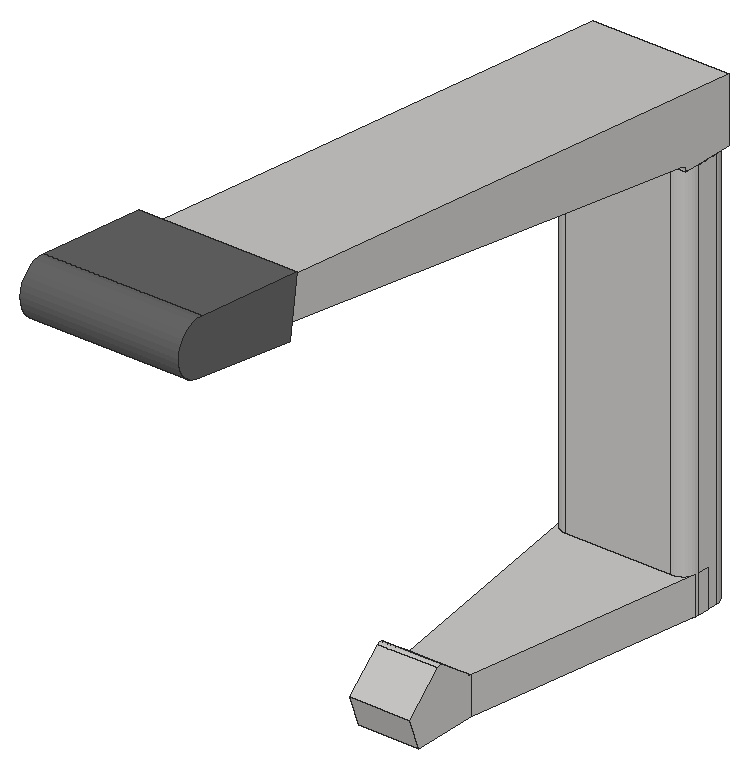
Revit family "Specialty Equipment_Coat Hook_Metlam_ML202-CBNB9c26f0b3-dce3-426c-8e5b-fdd9570f7bba", category Specialty Equipment, Revit 2014
Parameters (values of type "18w x 73h x 93d")
  Type Comments = "ML202-CBNP"
  URL = "www.metlam.com.au"
  ModifiedIssue_ANZRS = 20150127  # constant formula
  Model = "ML202-CBNP"
  Material = z_Metlam_Metal_Brush-Nickel-Satin
  Manufacturer_URL__Product Specific = "http://www.metlam.com.au/product/content/hooks/202"
  Manufacturer_Spec Code = Model  # "ML202-CBNP"
  Manufacturer_Overall Width = 18 mm  # constant formula
  Manufacturer_Overall Height = 73 mm  # constant formula
  Manufacturer_Overall Depth = 93 mm  # constant formula
  Manufacturer_Height From FFL [instance] = 1400 mm
  Manufacturer = "Metlam"  # constant formula
  Keynote = ""
  Description = "Coat Hook"
  CreatedBy_ANZRS = "IGS - BIM SOLUTIONS"  # constant formula
  CreatedByURL_ANZRS = "http://www.igsgroup.com.au"
  Material Bumper = z_Metlam_Rubber
  Assembly Code = "C1030200"
Reference planes
  plane 1 "Hook Back": y = 42.5
  plane 2: z = 0
  plane 3 "Center (Left/Right)": x = 0
  plane 4 "MountingHeight": z = 1400
  plane 5 "Hook Front": y = -50.5
  plane 6 "Hook Bottom": z = 1363.5
  plane 7 "HookTop": z = 1436.5
  plane 8 "Hook Left": x = -9
  plane 9 "Hook Right": x = 9
  plane 10 "Hook Offset": z = 1368.5
Forms (mm)
  Extrusion 1, solid, material "z_Metlam_Metal_Brush-Nickel-Satin" <- "Material"
    sketch origin (-9.5, 0, 0) x (0, 1, 0) y (0, 0, 1)
      loop
        line (6, 1363.5) -> (6, 1368.5) -> (1.501, 1371.601)
        arc (1.501, 1371.601) -> (1.067, 1371.76) -> (0.631, 1371.606) r 0.683
        line (0.631, 1371.606) -> (-4, 1367.437) -> (-2.567, 1363.5) -> (6, 1363.5)
    from 5.5 to 13.5
  Extrusion 2, solid, material "z_Metlam_Rubber" <- "Material Bumper"
    sketch origin (-9.5, 0, -0.723) x (0, 1, 0) y (0, 0, 1)
      loop
        line (-30.894, 1435.511) -> (-46.583, 1437.223)
        arc (-46.583, 1437.223) -> (-50.515, 1434.139) -> (-47.524, 1430.136) r 3.575
        line (-47.524, 1430.136) -> (-32.11, 1427.725) -> (-30.894, 1435.511)
    from -1 to 20
  Extrusion 3, solid, material "z_Metlam_Metal_Brush-Nickel-Satin" <- "Material"
    sketch origin (-737.698, -1524, 1451) x (-1, 0, 0) y (0, -1, 0)
      loop
        arc (-730.698, -1566.5) -> (-729.284, -1565.914) -> (-728.698, -1564.5) r 2
        line (-728.698, -1564.5) -> (-728.698, -1561.5)
        arc (-728.698, -1561.5) -> (-729.284, -1560.086) -> (-730.698, -1559.5) r 2
        line (-730.698, -1559.5) -> (-744.698, -1559.5)
        arc (-744.698, -1559.5) -> (-746.113, -1560.086) -> (-746.698, -1561.5) r 2
        line (-746.698, -1561.5) -> (-746.698, -1564.5)
        arc (-746.698, -1564.5) -> (-746.113, -1565.914) -> (-744.698, -1566.5) r 2
        line (-744.698, -1566.5) -> (-730.698, -1566.5)
    from -87.5 to -33.983
  Extrusion 4, solid, material "z_Metlam_Metal_Brush-Nickel-Satin" <- "Material"
    sketch origin (-737.698, -1524, 1451) x (-1, 0, 0) y (0, -1, 0)
      loop
        line (-728.698, -1561.5) -> (-733.698, -1530) -> (-741.698, -1530) -> (-746.698, -1561.5) -> (-746.698, -1563) -> (-728.698, -1563) -> (-728.698, -1561.5)
    from -87.5 to -82.5
  Extrusion 5, solid, material "z_Metlam_Metal_Brush-Nickel-Satin" <- "Material"
    sketch origin (-9.5, 0, 0) x (0, 1, 0) y (0, 0, 1)
      loop
        line (42.5, 1417.017) -> (42.5, 1425.617) -> (-31.09, 1433.533) -> (-31.92, 1428.219) -> (34.905, 1417.873)
        arc (34.905, 1417.873) -> (35.38, 1417.571) -> (35.482, 1417.017) r 0.705
        line (35.482, 1417.017) -> (42.5, 1417.017)
    from 0.5 to 18.5
Cuts and joins
  joined: Extrusion 1, Extrusion 4
Lines and regions (mm)
  Masking region 1
    outline origin (-737.698, -1524, 1451) x (-1, 0, 0) y (0, -1, 0)
      loop
        line (-728.698, -1566.5) -> (-728.698, -1493.106) -> (-727.198, -1493.106) -> (-727.198, -1473.588) -> (-748.198, -1473.588) -> (-748.198, -1493.106) -> (-746.698, -1493.106) -> (-746.698, -1566.5) -> (-728.698, -1566.5)
  Masking region 2
    outline origin (0, 42.5, 0) x (1, 0, 0) y (0, 0, 1)
      loop
        line (-10.5, 1437.229) -> (-10.5, 1427.003) -> (-9, 1427.003) -> (-9, 1363.5) -> (9, 1363.5) -> (9, 1427.003) -> (10.5, 1427.003) -> (10.5, 1437.229) -> (-10.5, 1437.229)
  Masking region 3
    outline origin (-9.5, 0, 0) x (0, 1, 0) y (0, 0, 1)
      loop
        line (-31.92, 1428.219) -> (34.905, 1417.75)
        arc (34.905, 1417.75) -> (35.31, 1417.535) -> (35.498, 1417.117) r 0.705
        line (35.498, 1417.117) -> (35.498, 1368.5) -> (6, 1368.5) -> (1.501, 1371.601)
        arc (1.501, 1371.601) -> (1.067, 1371.76) -> (0.631, 1371.606) r 0.683
        line (0.631, 1371.606) -> (-4, 1367.437) -> (-2.567, 1363.5) -> (42.5, 1363.5) -> (42.5, 1425.494) -> (-31.09, 1433.533) -> (-30.894, 1434.788) -> (-46.446, 1436.485)
        arc (-46.446, 1436.485) -> (-50.381, 1433.398) -> (-47.387, 1429.392) r 3.578
        line (-47.387, 1429.392) -> (-32.11, 1427.003) -> (-31.92, 1428.219)
  symbolic lines, style "Bathroom Fixtures", detail levels medium+fine
    curve 1: line (-9, -30.894, 1451) -> (9, -30.894, 1451)
    curve 2: line (-9, 42.5, 1427.003) -> (9, 42.5, 1427.003)
    curve 3: line (-9, 42.5, 1417.521) -> (9, 42.5, 1417.521)
    curve 4: line (-9, 42.5, 1368.5) -> (-4, 42.5, 1368.5)
    curve 5: line (-4, 42.5, 1371.76) -> (4, 42.5, 1371.76)
    curve 6: line (-4, 42.5, 1363.5) -> (-4, 42.5, 1368.5)
    curve 7: line (4, 42.5, 1363.5) -> (-4, 42.5, 1363.5)
    curve 8: line (4, 42.5, 1371.76) -> (4, 42.5, 1368.5)
    curve 9: line (4, 42.5, 1368.5) -> (9, 42.5, 1368.5)
    curve 10: line (-4, 42.5, 1367.437) -> (4, 42.5, 1367.437)
    curve 11: line (-4, 42.5, 1368.5) -> (-4, 42.5, 1371.76)
    curve 12: line (4, 42.5, 1368.5) -> (4, 42.5, 1363.5)
    curve 13: line (-9.5, -31.09, 1433.533) -> (-9.5, -31.92, 1428.219)
    curve 14: line (-9.5, 42.5, 1417.017) -> (-9.5, 35.496, 1417.017)
    curve 15: line (-9.5, 39, 1368.5) -> (-9.5, 39, 1363.5)
    curve 17: line (-9.5, 35.5, 1368.5) -> (-9.5, 39, 1368.5)
  symbolic lines, style "Bathroom Fixtures", detail levels fine
    curve 16: line (-9.5, 6, 1368.5) -> (-9.5, 6, 1363.5)
Text (mm)
  text "Disclaimer:\n\nDue to ongoing product development and manufacturing evolution, product details are subject to change without notice.\n\nPlease refer to product technical data sheets on www.metlam.com.au for the most current product information.\n\nPlease allow a +/- 5mm tolerance for dimensions and set-outs shown in product literature.\n\n© Metlam 2015" at (-643.121, 54.97, 0), in view "Ref. Level_Instruction"
Dimensions and locks
  "Manufacturer_Height From FFL": plane 4 "MountingHeight" to plane 2
  "Manufacturer_Overall Height": plane 6 "Hook Bottom" to plane 7 "HookTop"
  "Manufacturer_Overall Depth": plane 1 "Hook Back" to plane 5 "Hook Front"
  equal spacing: plane 9 "Hook Right", plane 3 "Center (Left/Right)", plane 8 "Hook Left", locked at 9 each
  "Manufacturer_Overall Width": plane 9 "Hook Right" to plane 8 "Hook Left"
  equal spacing: plane 6 "Hook Bottom", plane 4 "MountingHeight", plane 7 "HookTop", locked at 36.5 each
  locked: Extrusion 5 sketch curve to Extrusion 5 sketch curve at 8.6
  locked: Extrusion 5 sketch curve to Extrusion 5 sketch curve at 5.378
  locked: plane 6 "Hook Bottom" to plane 10 "Hook Offset" at 5
  locked: Extrusion 3 to plane 4 "MountingHeight" at 17.017
  aligned and locked: Extrusion 1 sketch curve to plane 6 "Hook Bottom"
  aligned and locked: Masking region 1 sketch curve to Extrusion 2  (x3)
  aligned and locked: Extrusion 2 to Masking region 1 sketch curve
  aligned and locked: curve 1 to Masking region 1
  aligned and locked: Masking region 2 sketch curve to Extrusion 2  (x3)
  aligned and locked: Masking region 2 to curve 2
  aligned and locked: curve 6 to cut or joined group of Extrusion 1, Extrusion 4
  aligned and locked: curve 7 to cut or joined group of Extrusion 1, Extrusion 4
  aligned and locked: curve 8 to cut or joined group of Extrusion 1, Extrusion 4
  aligned and locked: cut or joined group of Extrusion 1, Extrusion 4 to curve 4
  aligned and locked: cut or joined group of Extrusion 1, Extrusion 4 to curve 9
  aligned and locked: curve 10 to cut or joined group of Extrusion 1, Extrusion 4
  aligned and locked: curve 15 to cut or joined group of Extrusion 1, Extrusion 4
  aligned and locked: Extrusion 2 to Masking region 2 sketch curve
  aligned and locked: Extrusion 3 to plane 6 "Hook Bottom"
  aligned and locked: Extrusion 4 to plane 6 "Hook Bottom"
  aligned and locked: curve 16 to cut or joined group of Extrusion 1, Extrusion 4
  aligned and locked: Extrusion 5 sketch curve to Extrusion 2
  aligned and locked: plane 1 "Hook Back" to Extrusion 5 sketch curve
  aligned and locked: Extrusion 5 to cut or joined group of Extrusion 1, Extrusion 4
  aligned and locked: cut or joined group of Extrusion 1, Extrusion 4 to plane 10 "Hook Offset"
  aligned and locked: Extrusion 5 to plane 8 "Hook Left"
  aligned and locked: plane 7 "HookTop" to Extrusion 2 sketch curve
  aligned and locked: cut or joined group of Extrusion 1, Extrusion 4 to plane 6 "Hook Bottom"
  aligned and locked: Extrusion 3 to Extrusion 5
Automatic sketch dimensions
  Extrusion 3 sketch curve to plane 9 "Hook Right" = 0 mm
  plane 1 "Hook Back" to Extrusion 3 sketch curve = 0 mm
  Extrusion 3 sketch curve to plane 8 "Hook Left" = 0 mm
  Extrusion 3 sketch curve to plane 9 "Hook Right" = 2 mm  (x2)
  plane 8 "Hook Left" to Extrusion 3 sketch curve = 2 mm  (x2)
  Extrusion 3 sketch curve to Extrusion 3 sketch curve = 3 mm
  plane 3 "Center (Left/Right)" to Extrusion 4 sketch curve = 4 mm
  plane 1 "Hook Back" to Extrusion 4 sketch curve = 3.5 mm
  Extrusion 4 sketch curve to plane 8 "Hook Left" = 0 mm
  Extrusion 4 sketch curve to plane 9 "Hook Right" = 0 mm
  Extrusion 4 sketch curve to plane 3 "Center (Left/Right)" = 4 mm
  Extrusion 4 sketch curve to Extrusion 4 sketch curve = 1.5 mm  (x2)
  Extrusion 1 sketch curve to Extrusion 1 sketch curve = 0.432 mm
  Extrusion 1 sketch curve to Extrusion 1 sketch curve = 0.439 mm
  Extrusion 1 sketch curve to Extrusion 1 sketch curve = 0.523 mm
  Masking region 1 sketch curve to plane 9 "Hook Right" = 0 mm
  Masking region 1 sketch curve to plane 5 "Hook Front" = 0.088 mm
  curve 1 to plane 9 "Hook Right" = 0 mm
  curve 1 to plane 8 "Hook Left" = 0 mm
  Masking region 2 sketch curve to plane 6 "Hook Bottom" = 0 mm
  Masking region 2 sketch curve to plane 8 "Hook Left" = 0 mm
  Masking region 2 sketch curve to plane 9 "Hook Right" = 0 mm
  Masking region 2 sketch curve to plane 7 "HookTop" = 0.729 mm
  curve 4 to plane 8 "Hook Left" = 0 mm
  curve 3 to plane 8 "Hook Left" = 0 mm
  curve 2 to plane 8 "Hook Left" = 0 mm
  curve 2 to plane 9 "Hook Right" = 0 mm
  curve 3 to plane 9 "Hook Right" = 0 mm
  curve 9 to plane 9 "Hook Right" = 0 mm
  curve 3 to curve 2 = 9.482 mm
  Extrusion 1 sketch curve to Extrusion 1 sketch curve = 4.499 mm
  plane 1 "Hook Back" to Extrusion 1 sketch curve = 46.5 mm
  Extrusion 1 sketch curve to Extrusion 1 sketch curve = 1.433 mm
  Extrusion 1 sketch curve to Extrusion 1 sketch curve = 4.631 mm
  Extrusion 4 sketch curve to Extrusion 4 sketch curve = 31.5 mm
  plane 6 "Hook Bottom" to Extrusion 1 sketch curve = 3.937 mm
  plane 6 "Hook Bottom" to Extrusion 1 sketch curve = 5 mm
  Extrusion 1 sketch curve to Extrusion 1 sketch curve = 2.577 mm
  curve 10 to curve 9 = 1.063 mm
  curve 10 to curve 4 = 1.063 mm
  curve 4 to curve 5 = 3.26 mm
  plane 1 "Hook Back" to Masking region 1 sketch curve = 0 mm
  Masking region 1 sketch curve to plane 8 "Hook Left" = 0 mm
  plane 10 "Hook Offset" to Masking region 3 sketch curve = 0 mm
  Masking region 3 sketch curve to plane 6 "Hook Bottom" = 0 mm
  Masking region 3 sketch curve to plane 1 "Hook Back" = 0 mm
  plane 1 "Hook Back" to Masking region 3 sketch curve = 7.002 mm
  Masking region 3 sketch curve to Masking region 3 sketch curve = 0.593 mm
  Masking region 3 sketch curve to Masking region 3 sketch curve = 0.702 mm
  Masking region 3 sketch curve to Masking region 3 sketch curve = 29.498 mm
  Masking region 3 sketch curve to Masking region 3 sketch curve = 4.499 mm
  Masking region 3 sketch curve to Masking region 3 sketch curve = 0.439 mm
  Masking region 3 sketch curve to plane 10 "Hook Offset" = 3.106 mm
  Masking region 3 sketch curve to Masking region 3 sketch curve = 0.432 mm
  Masking region 3 sketch curve to Masking region 3 sketch curve = 3.63 mm
  plane 10 "Hook Offset" to Masking region 3 sketch curve = 1.063 mm
  Masking region 3 sketch curve to Masking region 3 sketch curve = 1.433 mm
  plane 7 "HookTop" to Masking region 3 sketch curve = 1.712 mm
  Masking region 3 sketch curve to plane 5 "Hook Front" = 19.606 mm
  Masking region 3 sketch curve to Masking region 3 sketch curve = 0.196 mm
  plane 7 "HookTop" to Masking region 3 sketch curve = 8.281 mm
  plane 7 "HookTop" to Masking region 3 sketch curve = 9.497 mm
  plane 7 "HookTop" to Masking region 3 sketch curve = 0.015 mm
  Masking region 3 sketch curve to plane 5 "Hook Front" = 4.054 mm
  Masking region 3 sketch curve to Masking region 3 sketch curve = 0.388 mm
  Masking region 3 sketch curve to plane 5 "Hook Front" = 3.113 mm
  Masking region 3 sketch curve to Masking region 3 sketch curve = 0.529 mm
  plane 4 "MountingHeight" to Masking region 3 sketch curve = 17.054 mm
  Masking region 3 sketch curve to Masking region 3 sketch curve = 0.064 mm
  Masking region 3 sketch curve to Masking region 3 sketch curve = 7.744 mm
  plane 7 "HookTop" to Masking region 3 sketch curve = 7.108 mm
  Masking region 3 sketch curve to Masking region 3 sketch curve = 1.02 mm
  plane 7 "HookTop" to Masking region 3 sketch curve = 2.967 mm
  Masking region 3 sketch curve to Masking region 3 sketch curve = 0.19 mm
  curve 16 to plane 6 "Hook Bottom" = 0 mm
  plane 10 "Hook Offset" to curve 17 = 0 mm
  curve 14 to plane 1 "Hook Back" = 0 mm
  curve 15 to plane 6 "Hook Bottom" = 0 mm
  curve 17 to curve 15 = 3.5 mm
  plane 1 "Hook Back" to curve 14 = 7.004 mm
  curve 16 to curve 17 = 29.5 mm
  plane 7 "HookTop" to curve 13 = 2.967 mm
  curve 13 to plane 5 "Hook Front" = 19.41 mm
  plane 7 "HookTop" to curve 13 = 8.281 mm
  curve 13 to curve 13 = 0.83 mm
  plane 1 "Hook Back" to Extrusion 5 sketch curve = 7.018 mm
  Extrusion 5 sketch curve to Extrusion 5 sketch curve = 0.577 mm
  Extrusion 5 sketch curve to Extrusion 5 sketch curve = 0.109 mm
  plane 7 "HookTop" to Extrusion 5 sketch curve = 2.967 mm
  Extrusion 5 sketch curve to Extrusion 5 sketch curve = 0.856 mm
  plane 7 "HookTop" to Extrusion 5 sketch curve = 10.883 mm
  plane 4 "MountingHeight" to curve 14 = 17.017 mm
  Extrusion 2 sketch curve to plane 5 "Hook Front" = 2.976 mm
  Extrusion 2 sketch curve to plane 5 "Hook Front" = 3.529 mm
  Extrusion 2 sketch curve to Extrusion 2 sketch curve = 0.388 mm
  Extrusion 2 sketch curve to Extrusion 2 sketch curve = 15.414 mm
  plane 7 "HookTop" to Extrusion 2 sketch curve = 1.712 mm
  Extrusion 2 sketch curve to Extrusion 2 sketch curve = 1.216 mm
  plane 7 "HookTop" to Extrusion 2 sketch curve = 3.554 mm
  Extrusion 2 sketch curve to Extrusion 2 sketch curve = 7.786 mm
